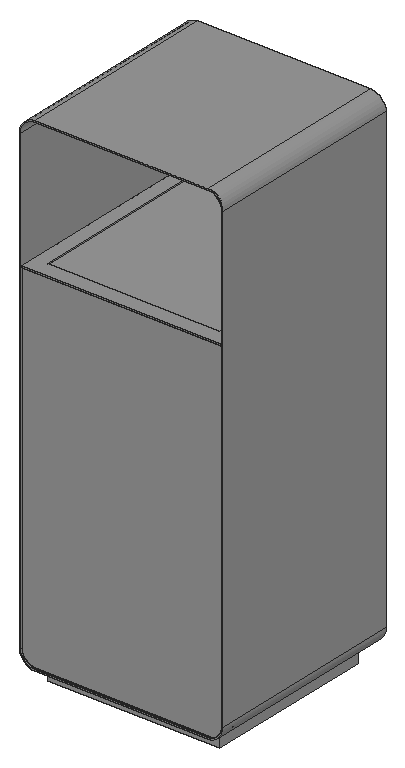
Revit family "Урна «Город» Арт 10853", category Антураж, Revit 2018
Family settings
  На основе рабочей плоскости = Нет
  Всегда вертикально = Да
  При загрузке вырезать с полостями = Нет
  Источник визуального образа = Геометрия семейства
  Общий = Нет
  Точка расчета площади = Нет
Parameters (values of type "Урна «Город». Металлическая")
  ширина = 400 mm  # constant formula
  Цвет отделки = Цвет типа урны
  Цвет каркаса = Сталь
  Описание = "Урна «Город». Металлическая"  # constant formula
  Материал изделия = "Сталь"  # constant formula
  Изображение типоразмера = Урна «Город» Арт 10853.jpg
  Изготовитель = "ООО «Хоббика»"  # constant formula
  Длина = 400 mm  # constant formula
  Группа модели = "Уличные урны"  # constant formula
  Высота = 1000 mm  # constant formula
  Артикул товара = "Арт. 10853"  # constant formula
  URL = "https://hobbyka.ru/product/urna_gorod/"
Reference planes
  plane 1 "По центру (Вперед/Назад)": y = 0
  plane 2: z = 0
  plane 3 "По центру (Влево/Вправо)": x = 0
  plane 4: y = 400
  plane 5: x = 400
  plane 6: z = 1000
Forms (mm)
  Extrusion 1, solid, material "Сталь" <- "Цвет каркаса"
    sketch origin (0, 0, 0) x (1, 0, 0) y (0, 1, 0)
      loop
        line (30, 370) -> (30, 30) -> (370, 30) -> (370, 370) -> (30, 370)
    from 0 to 30
  Extrusion 2, solid, material "Сталь" <- "Цвет каркаса"
    sketch origin (0, 0, 0) x (1, 0, 0) y (0, 0, 1)
      loop
        line (370, 1000) -> (30, 1000)
        arc (30, 1000) -> (8.787, 991.213) -> (0, 970) r 30
        line (0, 970) -> (0, 60)
        arc (0, 60) -> (8.787, 38.787) -> (30, 30) r 30
        line (30, 30) -> (370, 30)
        arc (370, 30) -> (391.213, 38.787) -> (400, 60) r 30
        line (400, 60) -> (400, 970)
        arc (400, 970) -> (391.213, 991.213) -> (370, 1000) r 30
      loop
        line (370, 998) -> (30, 998)
        arc (30, 998) -> (10.201, 989.799) -> (2, 970) r 28
        line (2, 970) -> (2, 735) -> (398, 735) -> (398, 970)
        arc (398, 970) -> (389.799, 989.799) -> (370, 998) r 28
      loop
        line (30, 32) -> (370, 32)
        arc (370, 32) -> (389.799, 40.201) -> (398, 60) r 28
        line (398, 60) -> (398, 733) -> (2, 733) -> (2, 60)
        arc (2, 60) -> (10.201, 40.201) -> (30, 32) r 28
    from 0 to -400
  Extrusion 3, void
    sketch origin (0, 0, 0) x (1, 0, 0) y (0, 1, 0)
      loop
        line (30, 370) -> (30, 30) -> (370, 30) -> (370, 370) -> (30, 370)
    from 32 to 735
  Extrusion 4, solid, material "Цвет типа урны" <- "Цвет отделки"
    sketch origin (0, 0, 0) x (1, 0, 0) y (0, 0, 1)
      loop
        line (4, 731) -> (4, 60)
        arc (4, 60) -> (11.615, 41.615) -> (30, 34) r 26
        line (30, 34) -> (370, 34)
        arc (370, 34) -> (388.385, 41.615) -> (396, 60) r 26
        line (396, 60) -> (396, 731) -> (4, 731)
    from -2 to -4
  Extrusion 5, solid, material "Цвет типа урны" <- "Цвет отделки"
    sketch origin (0, 0, 0) x (1, 0, 0) y (0, 0, 1)
      loop
        line (4, 731) -> (4, 60)
        arc (4, 60) -> (11.615, 41.615) -> (30, 34) r 26
        line (30, 34) -> (370, 34)
        arc (370, 34) -> (388.385, 41.615) -> (396, 60) r 26
        line (396, 60) -> (396, 731) -> (4, 731)
    from -396 to -398
  Extrusion 6, solid, material "Ченый пустота"
    sketch origin (0, 0, 0) x (1, 0, 0) y (0, 0, 1)
      loop
        line (2, 733) -> (2, 60)
        arc (2, 60) -> (10.201, 40.201) -> (30, 32) r 28
        line (30, 32) -> (370, 32)
        arc (370, 32) -> (389.799, 40.201) -> (398, 60) r 28
        line (398, 60) -> (398, 733) -> (2, 733)
      loop
        line (396, 731) -> (4, 731) -> (4, 60)
        arc (4, 60) -> (11.615, 41.615) -> (30, 34) r 26
        line (30, 34) -> (370, 34)
        arc (370, 34) -> (388.385, 41.615) -> (396, 60) r 26
        line (396, 60) -> (396, 731)
    from -4 to -396
Cuts and joins
  Extrusion 3 cuts Extrusion 1
  Extrusion 3 cuts Extrusion 2
Dimensions and locks
  "ширина": plane 4 to plane 1 "По центру (Вперед/Назад)"
  "Длина": plane 3 "По центру (Влево/Вправо)" to plane 5
  "Высота": plane 6 to plane 2
  aligned and locked: level to plane 2
Automatic sketch dimensions
  plane 3 "По центру (Влево/Вправо)" to Extrusion 1 sketch curve = 30 mm
  Extrusion 1 sketch curve to plane 5 = 30 mm
  Extrusion 1 sketch curve to plane 1 "По центру (Вперед/Назад)" = 30 mm
  Extrusion 1 sketch curve to plane 4 = 30 mm
  Extrusion 2 sketch curve to Extrusion 2 sketch curve = 0 mm  (x8)
  Extrusion 2 sketch curve to plane 3 "По центру (Влево/Вправо)" = 0 mm
  Extrusion 2 sketch curve to plane 6 = 0 mm
  Extrusion 2 sketch curve to plane 5 = 0 mm
  plane 3 "По центру (Влево/Вправо)" to Extrusion 2 sketch curve = 2 mm  (x2)
  Extrusion 2 sketch curve to Extrusion 2 sketch curve = 28 mm  (x4)
  Extrusion 2 sketch curve to Extrusion 2 sketch curve = 235 mm
  Extrusion 2 sketch curve to Extrusion 2 sketch curve = 2 mm
  level to Extrusion 2 sketch curve = 60 mm
  plane 3 "По центру (Влево/Вправо)" to Extrusion 3 sketch curve = 30 mm
  Extrusion 3 sketch curve to plane 5 = 30 mm
  Extrusion 3 sketch curve to plane 1 "По центру (Вперед/Назад)" = 30 mm
  Extrusion 3 sketch curve to plane 4 = 30 mm
  plane 3 "По центру (Влево/Вправо)" to Extrusion 4 sketch curve = 4 mm
  plane 3 "По центру (Влево/Вправо)" to Extrusion 4 sketch curve = 30 mm
  Extrusion 4 sketch curve to plane 5 = 30 mm
  Extrusion 4 sketch curve to plane 5 = 4 mm
  level to Extrusion 4 sketch curve = 34 mm
  Extrusion 4 sketch curve to plane 6 = 269 mm
  plane 3 "По центру (Влево/Вправо)" to Extrusion 5 sketch curve = 4 mm
  plane 3 "По центру (Влево/Вправо)" to Extrusion 5 sketch curve = 30 mm
  Extrusion 5 sketch curve to plane 5 = 30 mm
  Extrusion 5 sketch curve to plane 5 = 4 mm
  level to Extrusion 5 sketch curve = 34 mm
  Extrusion 5 sketch curve to plane 6 = 269 mm
  plane 3 "По центру (Влево/Вправо)" to Extrusion 6 sketch curve = 2 mm
  plane 3 "По центру (Влево/Вправо)" to Extrusion 6 sketch curve = 30 mm
  Extrusion 6 sketch curve to plane 5 = 30 mm
  Extrusion 6 sketch curve to plane 5 = 2 mm
  level to Extrusion 6 sketch curve = 32 mm
  Extrusion 6 sketch curve to plane 6 = 267 mm
  Extrusion 6 sketch curve to Extrusion 6 sketch curve = 0 mm  (x4)
  Extrusion 6 sketch curve to Extrusion 6 sketch curve = 2 mm  (x2)
